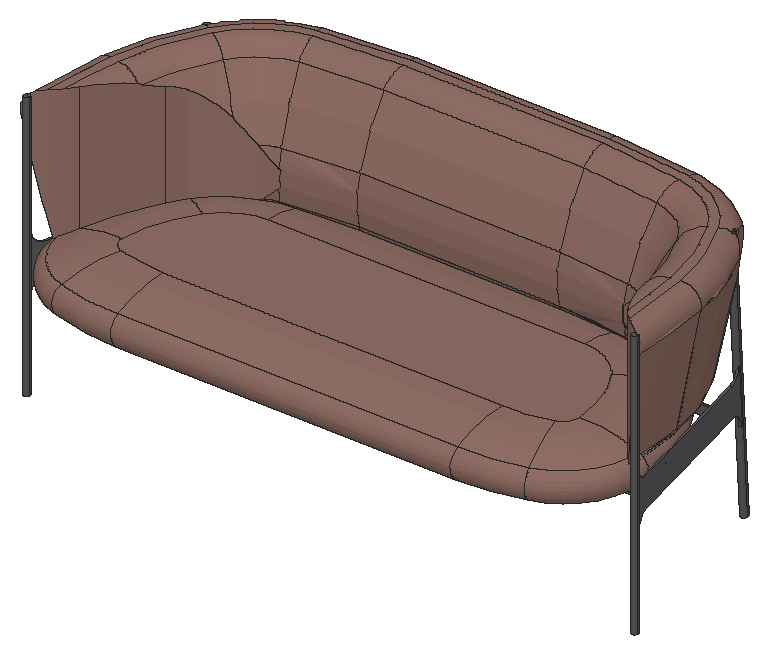
Revit family "revitupgrade", category Furniture, Revit 2025
Family settings
  OmniClass Number = 23.40.70.14.64.11
  OmniClass Title = Office Furniture
  Work Plane-Based = No
  Enable Cutting in Views = No
  Always vertical = Yes
  Cut with Voids When Loaded = No
  Render Appearance Source = Family Geometry
  Shared = No
  Room Calculation Point = No
Parameters (values of type "Sofa")
  URL = "https://www.steelcase.com/asia-en/products/lounge-chairs/sepal-lounge-chair/"
  Seat [instance] = Wendelbo - Fabric - Red Cover
  Style Number(s) = "WBOSEP2SLS"
  Release Date = "February 2023"  # constant formula
  Manufacturer = "Wendelbo"  # constant formula
  Description = "Sepal is family of products that share an aesthetic and functional DNA. "  # constant formula
  Default Elevation = 0.00 mm
  Copyright = "© 2010 Steelcase Inc."  # constant formula
  Base [instance] = Wedelbo - Metal - Black Powder Coated
  Assembly Code = "E2020200"
Reference planes
  plane 1 "Center Front/Back": y = 0
  plane 2 "Bottom": z = 0
  plane 3 "Center Left/Right": x = 0
Forms (mm)
  Blend 1, solid, material "Wedelbo - Metal - Black Powder Coated" <- "Base"
    base sketch origin (0, 0, 0) x (1, 0, 0) y (0, 1, 0)
      loop
        circle (629.387, 646.798) r 8
    top sketch origin (0, 0, 0) x (1, 0, 0) y (0, 1, 0)
      loop
        circle (649.106, 582.725) r 8
    from 0 to 667.282
  Blend 2, solid, material "Wedelbo - Metal - Black Powder Coated" <- "Base"
    base sketch origin (0, 0, 0) x (-1, 0, 0) y (0, -1, 0)
      loop
        circle (629.387, -646.798) r 8
    top sketch origin (0, 0, 0) x (-1, 0, 0) y (0, -1, 0)
      loop
        circle (649.106, -582.725) r 8
    from 0 to 667.282
  Extrusion 3, solid, material "Wedelbo - Metal - Black Powder Coated" <- "Base"
    sketch origin (0, 0, 0) x (1, 0, 0) y (0, 1, 0)
      loop
        circle (752.376, 155.63) r 8
      loop
        circle (-752.376, 155.63) r 8
    from 0 to 659.765
  Blend 4, solid, material "Wedelbo - Metal - Black Powder Coated" <- "Base"
    base sketch origin (0, 0, 0) x (1, 0, 0) y (0, 0, 1)
      loop
        circle (580.919, 265.232) r 8
    top sketch origin (0, 0, 0) x (1, 0, 0) y (0, 0, 1)
      loop
        circle (677.24, 265.232) r 8
    from -552.345 to -227.58
  Blend 5, solid, material "Wedelbo - Metal - Black Powder Coated" <- "Base"
    base sketch origin (0, 0, 0) x (-1, 0, 0) y (0, 0, -1)
      loop
        circle (580.919, -265.232) r 8
    top sketch origin (0, 0, 0) x (-1, 0, 0) y (0, 0, -1)
      loop
        circle (677.24, -265.232) r 8
    from -552.345 to -227.58
  Extrusion 6, solid, material "Wedelbo - Metal - Black Powder Coated" <- "Base"
    sketch origin (0, 0, 0) x (1, 0, 0) y (0, 0, 1)
      loop
        line (-733.918, 295.321) -> (-733.918, 253.659) -> (733.918, 253.659) -> (733.918, 295.321)
        arc (733.918, 295.321) -> (728.495, 282.228) -> (715.402, 276.805) r 18.516
        line (715.402, 276.805) -> (-715.402, 276.805)
        arc (-715.402, 276.805) -> (-728.495, 282.228) -> (-733.918, 295.321) r 18.516
    from -227.58 to -222.58
  Extrusion 7, solid, material "Wedelbo - Metal - Black Powder Coated" <- "Base"
    sketch origin (0, 329.765, 0) x (1, 0, 0) y (0, 0, 1)
      loop
        line (-652.858, 295.321) -> (-652.858, 253.659) -> (653.014, 253.659) -> (653.014, 295.321)
        arc (653.014, 295.321) -> (647.59, 282.228) -> (634.497, 276.805) r 18.516
        line (634.497, 276.805) -> (-634.342, 276.805)
        arc (-634.342, 276.805) -> (-647.435, 282.228) -> (-652.858, 295.321) r 18.516
    from -227.58 to -222.58
  Extrusion 8, solid, material "Wedelbo - Metal - Black Powder Coated" <- "Base"
    sketch origin (57.618, -168.31, 0) x (-0.232268, 0.972652, 0) y (0, 0, 1)
      loop
        line (197.92, 252.841) -> (592.448, 252.841)
        arc (592.448, 252.841) -> (619.041, 241.826) -> (630.056, 215.233) r 37.608
        line (630.056, 215.233) -> (617.881, 354.393)
        arc (617.881, 354.393) -> (609.241, 333.533) -> (588.381, 324.893) r 29.5
        line (588.381, 324.893) -> (197.92, 324.893)
        arc (197.92, 324.893) -> (171.915, 335.665) -> (161.144, 361.67) r 36.777
        line (161.144, 361.67) -> (161.144, 216.064)
        arc (161.144, 216.064) -> (171.915, 242.069) -> (197.92, 252.841) r 36.777
    from 748.846 to 754.127
  Extrusion 9, solid, material "Wedelbo - Metal - Black Powder Coated" <- "Base"
    sketch origin (-57.618, -168.31, 0) x (0.232268, 0.972652, 0) y (0, 0, -1)
      loop
        arc (197.92, -252.841) -> (171.915, -242.069) -> (161.144, -216.064) r 36.777
        line (161.144, -216.064) -> (161.144, -361.67)
        arc (161.144, -361.67) -> (171.915, -335.665) -> (197.92, -324.893) r 36.777
        line (197.92, -324.893) -> (588.381, -324.893)
        arc (588.381, -324.893) -> (609.241, -333.533) -> (617.881, -354.393) r 29.5
        line (617.881, -354.393) -> (630.056, -215.233)
        arc (630.056, -215.233) -> (619.041, -241.826) -> (592.448, -252.841) r 37.608
        line (592.448, -252.841) -> (197.92, -252.841)
    from 748.846 to 754.127
  Sweep 10, solid, material "Wendelbo - Fabric - Red Cover" <- "Seat"
    path origin (0, 0, 0) x (1, 0, 0) y (0, 1, 0)
      loop
        line (391.998, 612.079) -> (-391.998, 612.079)
        arc (-391.998, 612.079) -> (-530.876, 577.999) -> (-638.2, 483.5) r 300
        arc (-638.2, 483.5) -> (-700.25, 361.775) -> (-727.106, 227.811) r 500.98
        arc (-727.106, 227.811) -> (-691.332, 100.923) -> (-584.361, 23.866) r 200
        arc (-584.361, 23.866) -> (-503.042, 5.998) -> (-420, 0) r 577.903
        line (-420, 0) -> (420, 0)
        arc (420, 0) -> (503.042, 5.998) -> (584.361, 23.866) r 577.903
        arc (584.361, 23.866) -> (691.332, 100.923) -> (727.106, 227.811) r 200
        arc (727.106, 227.811) -> (700.25, 361.775) -> (638.2, 483.5) r 500.98
        arc (638.2, 483.5) -> (530.876, 577.999) -> (391.998, 612.079) r 300
    profile origin (0, 612.079, 0) x (0, -1, 0) y (0, 0, 1)
      loop
        arc (161.782, 382.939) -> (90.539, 375.134) -> (22.675, 352.091) r 329.075
        arc (22.675, 352.091) -> (0.532, 307.181) -> (39.584, 275.841) r 40
        line (39.584, 275.841) -> (176.782, 275.841) -> (176.782, 382.939) -> (161.782, 382.939)
  Extrusion 11, solid, material "Wendelbo - Fabric - Red Cover" <- "Seat"
    sketch origin (0, 0, 0) x (1, 0, 0) y (0, 1, 0)
      loop
        arc (-391.998, 435.297) -> (-449.039, 421.299) -> (-493.119, 382.486) r 123.218
        arc (-493.119, 382.486) -> (-533.274, 303.714) -> (-550.654, 217.023) r 324.198
        arc (-550.654, 217.023) -> (-546.501, 202.293) -> (-534.083, 193.348) r 23.218
        arc (-534.083, 193.348) -> (-477.639, 180.945) -> (-420, 176.782) r 401.121
        line (-420, 176.782) -> (420, 176.782)
        arc (420, 176.782) -> (477.639, 180.945) -> (534.083, 193.348) r 401.121
        arc (534.083, 193.348) -> (546.501, 202.293) -> (550.654, 217.023) r 23.218
        arc (550.654, 217.023) -> (533.274, 303.714) -> (493.119, 382.486) r 324.198
        arc (493.119, 382.486) -> (449.039, 421.299) -> (391.998, 435.297) r 123.218
        line (391.998, 435.297) -> (-391.998, 435.297)
    from 276.805 to 382.939
  Sweep 12, solid, material "Wendelbo - Fabric - Red Cover" <- "Seat"
    path origin (0, 0, 0) x (1, 0, 0) y (0, 1, 0)
      loop
        arc (758.222, 0) -> (762.611, 181.661) -> (746.46, 362.657) r 1606.703
        arc (746.46, 362.657) -> (718.014, 478.416) -> (668.136, 586.682) r 625.848
        arc (668.136, 586.682) -> (582.742, 680.24) -> (466.346, 730.215) r 300
        arc (466.346, 730.215) -> (357.37, 746.087) -> (247.371, 751.394) r 1142.629
        line (247.371, 751.394) -> (-247.371, 751.394)
        arc (-247.371, 751.394) -> (-357.37, 746.087) -> (-466.346, 730.215) r 1142.629
        arc (-466.346, 730.215) -> (-582.742, 680.24) -> (-668.136, 586.682) r 300
        arc (-668.136, 586.682) -> (-718.014, 478.416) -> (-746.46, 362.657) r 625.848
        arc (-746.46, 362.657) -> (-762.611, 181.661) -> (-758.222, 0) r 1606.703
    profile origin (0, 751.394, 0) x (0, -1, 0) y (0, 0, 1)
      loop
        line (-2.572, 620.806) -> (51.359, 343.356)
        arc (51.359, 343.356) -> (63.453, 323.028) -> (85.716, 315.034) r 35
        line (85.716, 315.034) -> (124.284, 315.034)
        arc (124.284, 315.034) -> (172.121, 331.358) -> (200.002, 373.518) r 78.258
        arc (200.002, 373.518) -> (206.777, 432.711) -> (196.752, 491.441) r 211.223
        arc (196.752, 491.441) -> (164.839, 570.506) -> (121.753, 644.081) r 583.974
        arc (121.753, 644.081) -> (96.663, 666.353) -> (64.092, 674.393) r 70
        line (64.092, 674.393) -> (41.602, 674.393)
        arc (41.602, 674.393) -> (6.879, 658.016) -> (-2.572, 620.806) r 45
  Extrusion 13, void
    sketch origin (0, 0, 0) x (1, 0, 0) y (0, 1, 0)
      loop
        arc (-423.348, 528.694) -> (-531.24, 486.644) -> (-604.573, 397.027) r 228.058
        line (-604.573, 397.027) -> (-682.101, 227.58)
        arc (-682.101, 227.58) -> (-708.962, 188.923) -> (-747.619, 162.062) r 132.822
        line (-747.619, 162.062) -> (-846.305, 116.91) -> (-846.305, -131.306) -> (-423.348, -131.306) -> (-423.348, 528.694)
      loop
        line (423.348, 528.694) -> (423.348, -131.306) -> (846.305, -131.306) -> (846.305, 116.91) -> (747.619, 162.062)
        arc (747.619, 162.062) -> (708.962, 188.923) -> (682.101, 227.58) r 132.822
        line (682.101, 227.58) -> (604.573, 397.027)
        arc (604.573, 397.027) -> (531.24, 486.644) -> (423.348, 528.694) r 228.058
      loop
        arc (-646.801, 588.47) -> (-648.324, 598.041) -> (-646.08, 607.468) r 24.913
        arc (-646.08, 607.468) -> (-632.543, 634.265) -> (-616.992, 659.945) r 391.317
        line (-616.992, 659.945) -> (-616.992, 705.389) -> (-756.992, 705.389) -> (-756.992, 541.488) -> (-698.423, 541.488)
        arc (-698.423, 541.488) -> (-683.037, 564.551) -> (-662.34, 582.997) r 109.241
        arc (-662.34, 582.997) -> (-654.931, 586.758) -> (-646.801, 588.47) r 31.791
      loop
        arc (646.801, 588.47) -> (654.931, 586.758) -> (662.34, 582.997) r 31.791
        arc (662.34, 582.997) -> (683.037, 564.551) -> (698.423, 541.488) r 109.241
        line (698.423, 541.488) -> (756.992, 541.488) -> (756.992, 705.389) -> (616.992, 705.389) -> (616.992, 659.945)
        arc (616.992, 659.945) -> (632.543, 634.265) -> (646.08, 607.468) r 391.317
        arc (646.08, 607.468) -> (648.324, 598.041) -> (646.801, 588.47) r 24.913
    from 0 to 806.167
Cuts and joins
  joined: Sweep 10, Extrusion 11
  Extrusion 13 cuts Sweep 12
Lines and regions (mm)
  Masking region 1
    outline origin (0, 0, 0) x (1, 0, 0) y (0, 1, 0)
      loop
        arc (-423.348, 528.694) -> (-348.533, 536.888) -> (-273.628, 544.205) r 6425.437
        line (-273.628, 544.205) -> (273.628, 544.205)
        arc (273.628, 544.205) -> (348.533, 536.888) -> (423.348, 528.694) r 6425.437
        arc (423.348, 528.694) -> (531.24, 486.644) -> (604.573, 397.027) r 228.058
        line (604.573, 397.027) -> (682.101, 227.58)
        arc (682.101, 227.58) -> (716.36, 182.066) -> (766.534, 155.09) r 132.822
        arc (766.534, 155.09) -> (758.175, 364.149) -> (686.283, 560.636) r 675.919
        arc (686.283, 560.636) -> (669.741, 579.061) -> (646.822, 588.435) r 55.381
        arc (646.822, 588.435) -> (642.061, 622.49) -> (622.752, 650.944) r 75.853
        arc (622.752, 650.944) -> (546.138, 704.329) -> (457.916, 734.932) r 341.032
        arc (457.916, 734.932) -> (379.323, 747.382) -> (299.994, 753.596) r 1008.446
        line (299.994, 753.596) -> (-299.994, 753.596)
        arc (-299.994, 753.596) -> (-379.323, 747.382) -> (-457.916, 734.932) r 1008.446
        arc (-457.916, 734.932) -> (-546.138, 704.329) -> (-622.752, 650.944) r 341.032
        arc (-622.752, 650.944) -> (-642.061, 622.49) -> (-646.822, 588.435) r 75.853
        arc (-646.822, 588.435) -> (-669.741, 579.061) -> (-686.283, 560.636) r 55.381
        arc (-686.283, 560.636) -> (-758.175, 364.149) -> (-766.534, 155.09) r 675.919
        arc (-766.534, 155.09) -> (-716.36, 182.066) -> (-682.101, 227.58) r 132.822
        line (-682.101, 227.58) -> (-604.573, 397.027)
        arc (-604.573, 397.027) -> (-531.24, 486.644) -> (-423.348, 528.694) r 228.058
  Masking region 2
    outline origin (0, 0, 0) x (1, 0, 0) y (0, 1, 0)
      loop
        arc (-273.628, 544.205) -> (-348.533, 536.888) -> (-423.348, 528.694) r 6425.437
        arc (-423.348, 528.694) -> (-531.24, 486.644) -> (-604.573, 397.027) r 228.058
        line (-604.573, 397.027) -> (-682.101, 227.58)
        arc (-682.101, 227.58) -> (-699.81, 199.068) -> (-724.1, 175.906) r 132.822
        arc (-724.1, 175.906) -> (-677.625, 83.805) -> (-592.888, 24.964) r 209.922
        arc (-592.888, 24.964) -> (-517.677, 4.934) -> (-440, 0) r 396.054
        line (-440, 0) -> (467.706, 0)
        arc (467.706, 0) -> (531.31, 7.406) -> (592.888, 24.964) r 396.054
        arc (592.888, 24.964) -> (677.625, 83.805) -> (724.1, 175.906) r 209.922
        arc (724.1, 175.906) -> (699.81, 199.068) -> (682.101, 227.58) r 132.822
        line (682.101, 227.58) -> (604.573, 397.027)
        arc (604.573, 397.027) -> (531.24, 486.644) -> (423.348, 528.694) r 228.058
        arc (423.348, 528.694) -> (348.533, 536.888) -> (273.628, 544.205) r 6425.437
        line (273.628, 544.205) -> (-273.628, 544.205)
Dimensions and locks
  aligned and locked: level to plane 2 "Bottom"
